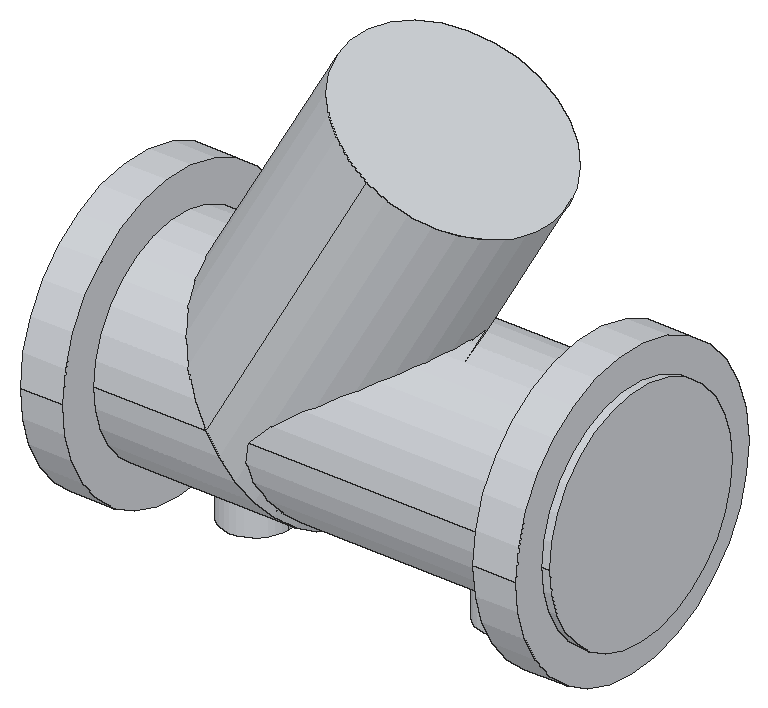
Revit family "HS 821-síto_standard-PN16-DN200-RFA_2018", category Pipe Accessories, Revit 2018
Family settings
  Round Connector Dimension = Use Diameter
  Part Type = Breaks Into
  Work Plane-Based = No
  Always vertical = Yes
  Cut with Voids When Loaded = No
  Shared = No
Parameters (values of type "821A-DN200-PN16-síto_standard")
  magiProductId = "8e5693371ab64aabb29a7f08c76e15"
  magiProductFamilyId = "79214ac3aaa945e397802f559f5c1e"
  magiPartTypeId = 307
  isMeasuringValve [instance] = no
  ang2D [instance] = 0.00°
  ZB__ve = -ZB  # -53 mm
  ZB1 = 107.73 mm
  ZB = 53 mm
  X2 = 188.361 mm
  X1 = 84 mm
  W2D = 15 mm
  VersionID = "2.0/2017.9.26.1/ZETKAMA_821_001"
  Use Minimum Symbol Size [instance] = yes
  URL = "www.hydronix.cz"
  Type Comments = "Filtr přírubový; síto standardní; A-PN16 (-10~300°C); D-PN25 (-10~350°C); F-PN40 (-10~400°C)"
  S = 266 mm
  QmdConnectorList = "301;D;302;D"
  Productdata [instance] = ""
  Manufacturer = "Hydronix"
  MC Product Code = "200 193 (821A; DN200; PN16; kvs707; oko síta 1,60mm)"
  LM1 = 48 mm
  LM = 480 mm
  L4 = 150 mm
  L2D_Min = 3048 mm
  L2D = 130 mm
  L2 = 300 mm
  HH2 = 326.25 mm
  FD = 340 mm
  Description = "Filtr přírubový; síto standardní; 821A-PN16; 821D-PN25; 821F-PN40"
  DM1 = 252 mm
  DM = 239.4 mm
  D = 200 mm
  CC = 10.2 mm
  CAT0 = yes
  C1 = 49.8 mm
  C = 60 mm
  BD = 75.411 mm
Types (40, lengths in mm): name | magiProductId | ZB__ve | ZB1 | ZB | X2 | X1 | S | MC Product Code | LM1 | LM | L4 | L2 | HH2 | FD | DM1 | DM | D | CC | C1 | C | BD
  821A-DN015-PN16-síto_standard | "a71bcfe8b393460598b23e8ddf7dc5" | -16.25 | 18.63 | 16.25 | 46.982 | 18.2 | 46 | "200 115 (821A; DN015; PN16; kvs6,3; oko síta 1,00mm)" | 10.4 | 104 | 32.5 | 65 | 81.375 | 95 | 27.6 | 41.4 | 15 | 2.21 | 10.79 | 13 | 13.041
  821A-DN020-PN16-síto_standard | "41cd6c7a12924f4991217528336076" | -17.75 | 22.68 | 17.75 | 51.673 | 21 | 56 | "200 120 (821A; DN020; PN16; kvs11,2; oko síta 1,00mm)" | 12 | 120 | 37.5 | 75 | 89.5 | 105 | 33.6 | 50.4 | 20 | 2.55 | 12.45 | 15 | 15.876
  821A-DN025-PN16-síto_standard | "be378b463ed14c3abf4c9b3ae8cf3a" | -19.25 | 26.325 | 19.25 | 58.601 | 22.4 | 65 | "200 125 (821A; DN025; PN16; kvs14,7; oko síta 1,00mm)" | 12.8 | 128 | 40 | 80 | 101.5 | 115 | 43.2 | 58.5 | 25 | 2.72 | 13.28 | 16 | 18.427
  821A-DN032-PN16-síto_standard | "227a0d18b21540afabe8b6067d35fa" | -23 | 30.78 | 23 | 68.849 | 25.2 | 76 | "200 132 (821A; DN032; PN16; kvs23,7; oko síta 1,00mm)" | 14.4 | 144 | 45 | 90 | 119.25 | 140 | 50.4 | 68.4 | 32 | 3.06 | 14.94 | 18 | 21.546
  821A-DN040-PN16-síto_standard | "d106917c74724141a10440112d0102" | -24.5 | 34.02 | 24.5 | 75.777 | 28 | 84 | "200 140 (821A; DN040; PN16; kvs37,7; oko síta 1,00mm)" | 16 | 160 | 50 | 100 | 131.25 | 150 | 60 | 75.6 | 40 | 3.4 | 16.6 | 20 | 23.814
  821A-DN050-PN16-síto_standard | "8255d456a09e4f6486734f5dd9171b" | -26.75 | 40.095 | 26.75 | 79.061 | 32.2 | 99 | "200 150 (821A; DN050 PN16; kvs57,9; oko síta 1,00mm)" | 18.4 | 184 | 57.5 | 115 | 136.938 | 165 | 73.8 | 89.1 | 50 | 3.91 | 19.09 | 23 | 28.066
  821A-DN065-PN16-síto_standard | "235b1b3e4c0843779a4d5e3716d40a" | -29.75 | 47.79 | 29.75 | 86.927 | 40.6 | 118 | "200 165 (821A; DN065; PN16; kvs101,5; oko síta 1,25mm)" | 23.2 | 232 | 72.5 | 145 | 150.562 | 185 | 94.2 | 106.2 | 65 | 4.93 | 24.07 | 29 | 33.453
  821A-DN080-PN16-síto_standard | "a067f7c5236348ed8c820d16df7214" | -32 | 53.46 | 32 | 104.753 | 43.4 | 132 | "200 180 (821A; DN080; PN16; kvs147,4; oko síta 1,25mm)" | 24.8 | 248 | 77.5 | 155 | 181.438 | 200 | 107.4 | 118.8 | 80 | 5.27 | 25.73 | 31 | 37.422
  821A-DN100-PN16-síto_standard | "c49a648c2747461285837d643703cd" | -35 | 63.18 | 35 | 114.857 | 49 | 156 | "200 190 (821A; DN100; PN16; kvs209,6; oko síta 1,60mm)" | 28 | 280 | 87.5 | 175 | 198.937 | 220 | 131.4 | 140.4 | 100 | 5.95 | 29.05 | 35 | 44.226
  821A-DN125-PN16-síto_standard | "bf68e728a163493cbd2a663b26ebdc" | -39.5 | 74.52 | 39.5 | 131.888 | 56 | 184 | "200 191 (821A; DN125; PN16; kvs326,2; oko síta 1,60mm)" | 32 | 320 | 100 | 200 | 228.438 | 250 | 165 | 165.6 | 125 | 6.8 | 33.2 | 40 | 52.164
  821A-DN150-PN16-síto_standard | "2de770284b654863ae6bc865769dc5" | -44.75 | 85.455 | 44.75 | 155.885 | 67.2 | 211 | "200 192 (821A; DN150; PN16; kvs403; oko síta 1,60mm)" | 38.4 | 384 | 120 | 240 | 270 | 285 | 192 | 189.9 | 150 | 8.16 | 39.84 | 48 | 59.818
  821A-DN200-PN16-síto_standard | "8e5693371ab64aabb29a7f08c76e15" | -53 | 107.73 | 53 | 188.361 | 84 | 266 | "200 193 (821A; DN200; PN16; kvs707; oko síta 1,60mm)" | 48 | 480 | 150 | 300 | 326.25 | 340 | 252 | 239.4 | 200 | 10.2 | 49.8 | 60 | 75.411
  821A-DN250-PN16-síto_standard | "05e37ed948c34047acdd4c42556504" | -62.75 | 129.195 | 62.75 | 255.911 | 102.2 | 319 | "200 194 (821A; DN250; PN16; kvs1234; oko síta 1,60mm)" | 58.4 | 584 | 182.5 | 365 | 443.25 | 405 | 309.6 | 287.1 | 250 | 12.41 | 60.59 | 73 | 90.436
  821A-DN300-PN16-síto_standard | "9ad0af747269428da925480d83ce80" | -71 | 149.85 | 71 | 325.914 | 119 | 370 | "200 195 (821A; DN300; PN16; kvs1916; oko síta 1,60mm)" | 68 | 680 | 212.5 | 425 | 564.5 | 460 | 369.6 | 333 | 300 | 14.45 | 70.55 | 85 | 104.895
  821A-DN350-PN16-síto_standard | "eebc71459bb3451bb4355e7951370a" | -80 | 173.745 | 80 | 356.875 | 137.2 | 429 | "200 196 (821A; DN350; PN16; kvs2621; oko síta 1,60mm)" | 78.4 | 784 | 245 | 490 | 618.125 | 520 | 438 | 386.1 | 350 | 16.66 | 81.34 | 98 | 121.621
  821A-DN400-PN16-síto_standard | "d2f677cb196647e385b2590e7d8abe" | -89 | 194.4 | 89 | 392.237 | 154 | 480 | "200 197 (821A; DN400; PN16; kvs3460; oko síta 1,60mm)" | 88 | 880 | 275 | 550 | 679.375 | 580 | 498 | 432 | 400 | 18.7 | 91.3 | 110 | 136.08
  821D-DN015-PN25-síto_standard | "27ddcbf555414f8ca1fde329bf9087" | -16.25 | 18.63 | 16.25 | 46.982 | 18.2 | 46 | "200 215 (821D; DN015; PN25; kvs6,3; oko síta 1,00mm)" | 10.4 | 104 | 32.5 | 65 | 81.375 | 95 | 27.6 | 41.4 | 15 | 2.21 | 10.79 | 13 | 13.041
  821D-DN020-PN25-síto_standard | "270e0f14012f47189cd0235c18faee" | -17.75 | 22.68 | 17.75 | 51.673 | 21 | 56 | "200 220 (821D; DN020; PN25; kvs11,2; oko síta 1,00mm)" | 12 | 120 | 37.5 | 75 | 89.5 | 105 | 33.6 | 50.4 | 20 | 2.55 | 12.45 | 15 | 15.876
  821D-DN025-PN25-síto_standard | "b9a7fb4aa36643878c637d8e1ab992" | -19.25 | 26.325 | 19.25 | 58.601 | 22.4 | 65 | "200 225 (821D; DN025; PN25; kvs14,7; oko síta 1,00mm)" | 12.8 | 128 | 40 | 80 | 101.5 | 115 | 43.2 | 58.5 | 25 | 2.72 | 13.28 | 16 | 18.427
  821D-DN032-PN25-síto_standard | "6be9a55c4e68400f94eec7e804204c" | -23 | 30.78 | 23 | 68.849 | 25.2 | 76 | "200 232 (821D; DN032; PN25; kvs23,7; oko síta 1,00mm)" | 14.4 | 144 | 45 | 90 | 119.25 | 140 | 50.4 | 68.4 | 32 | 3.06 | 14.94 | 18 | 21.546
  821D-DN040-PN25-síto_standard | "c54511bd7f584ec2984291479612cb" | -24.5 | 34.02 | 24.5 | 75.777 | 28 | 84 | "200 240 (821D; DN040; PN25; kvs37,7; oko síta 1,00mm)" | 16 | 160 | 50 | 100 | 131.25 | 150 | 60 | 75.6 | 40 | 3.4 | 16.6 | 20 | 23.814
  821D-DN050-PN25-síto_standard | "5483b1f596b04cd39b23a14a22c90e" | -26.75 | 40.095 | 26.75 | 79.061 | 32.2 | 99 | "200 250 (821D; DN050; PN25; kvs57,9; oko síta 1,00mm)" | 18.4 | 184 | 57.5 | 115 | 136.938 | 165 | 73.8 | 89.1 | 50 | 3.91 | 19.09 | 23 | 28.066
  821D-DN065-PN25-síto_standard | "767b0f8318e94750bc7a9930ed5b30" | -29.75 | 47.79 | 29.75 | 86.927 | 40.6 | 118 | "200 265 (821D; DN065; PN25; kvs101,5; oko síta 1,25mm)" | 23.2 | 232 | 72.5 | 145 | 150.562 | 185 | 94.2 | 106.2 | 65 | 4.93 | 24.07 | 29 | 33.453
  821D-DN080-PN25-síto_standard | "e21040fa3cc2404b858198f6b73709" | -32 | 53.46 | 32 | 104.753 | 43.4 | 132 | "200 280 (821D; DN080; PN25; kvs147,4; oko síta 1,25mm)" | 24.8 | 248 | 77.5 | 155 | 181.438 | 200 | 107.4 | 118.8 | 80 | 5.27 | 25.73 | 31 | 37.422
  821D-DN100-PN25-síto_standard | "175ca87a506b40b3bc6b82f12f33cf" | -37.25 | 63.18 | 37.25 | 114.857 | 49 | 156 | "200 290 (821D; DN100; PN25; kvs209,6; oko síta 1,60mm)" | 28 | 280 | 87.5 | 175 | 198.937 | 235 | 131.4 | 140.4 | 100 | 5.95 | 29.05 | 35 | 44.226
  821D-DN125-PN25-síto_standard | "77cc98d60da24855999a22dff726b2" | -42.5 | 74.52 | 42.5 | 131.888 | 56 | 184 | "200 291 (821D; DN125; PN25; kvs326,2; oko síta 1,60mm)" | 32 | 320 | 100 | 200 | 228.438 | 270 | 165 | 165.6 | 125 | 6.8 | 33.2 | 40 | 52.164
  821D-DN150-PN25-síto_standard | "9cf8acfcd15547d68e83172d3abcbe" | -47 | 85.455 | 47 | 155.885 | 67.2 | 211 | "200 292 (821D; DN150; PN25; kvs403; oko síta 1,60mm)" | 38.4 | 384 | 120 | 240 | 270 | 300 | 192 | 189.9 | 150 | 8.16 | 39.84 | 48 | 59.818
  821D-DN200-PN25-síto_standard | "16973f3c9ea14389ba8602495a6b64" | -56 | 110.97 | 56 | 188.361 | 84 | 274 | "200 293 (821D; DN200; PN25; kvs707; oko síta 1,60mm)" | 48 | 480 | 150 | 300 | 326.25 | 360 | 252 | 246.6 | 200 | 10.2 | 49.8 | 60 | 77.679
  821F-DN015-PN40-síto_standard | "4c7eaf3c4c0340888b3e684d8a8616" | -16.25 | 18.225 | 16.25 | 46.982 | 18.2 | 45 | "240 615 (821F; DN015; PN40; kvs6,3; oko síta 1,00mm)" | 10.4 | 104 | 32.5 | 65 | 81.375 | 95 | 27.6 | 40.5 | 15 | 2.21 | 10.79 | 13 | 12.757
  821F-DN020-PN40-síto_standard | "aaac5f1ec96b44d6ba96ac2293d66d" | -17.75 | 23.49 | 17.75 | 51.673 | 21 | 58 | "240 620 (821F; DN020; PN40; kvs11,2; oko síta 1,00mm)" | 12 | 120 | 37.5 | 75 | 89.5 | 105 | 33.6 | 52.2 | 20 | 2.55 | 12.45 | 15 | 16.443
  821F-DN025-PN40-síto_standard | "504768023968471481789485b54c7e" | -19.25 | 27.54 | 19.25 | 58.601 | 22.4 | 68 | "240 625 (821F; DN025; PN40; kvs14,7; oko síta 1,00mm)" | 12.8 | 128 | 40 | 80 | 101.5 | 115 | 43.2 | 61.2 | 25 | 2.72 | 13.28 | 16 | 19.278
  821F-DN032-PN40-síto_standard | "165e7f39cf744f329bdf1c400dad12" | -23 | 31.59 | 23 | 68.849 | 25.2 | 78 | "240 632 (821F; DN032; PN40; kvs23,7; oko síta 1,00mm)" | 14.4 | 144 | 45 | 90 | 119.25 | 140 | 50.4 | 70.2 | 32 | 3.06 | 14.94 | 18 | 22.113
  821F-DN040-PN40-síto_standard | "b8903f952089408fbf3a5a632bab1f" | -24.5 | 35.64 | 24.5 | 75.777 | 28 | 88 | "240 640 (821F; DN040; PN40; kvs37,7; oko síta 1,00mm)" | 16 | 160 | 50 | 100 | 131.25 | 150 | 60 | 79.2 | 40 | 3.4 | 16.6 | 20 | 24.948
  821F-DN050-PN40-síto_standard | "c451f97266fe48da8f879cb6a2bd44" | -26.75 | 41.31 | 26.75 | 79.061 | 32.2 | 102 | "240 650 (821F; DN050; PN40; kvs57,9; oko síta 1,00mm)" | 18.4 | 184 | 57.5 | 115 | 136.938 | 165 | 73.8 | 91.8 | 50 | 3.91 | 19.09 | 23 | 28.917
  821F-DN065-PN40-síto_standard | "dc9821e3f9b34e128f6a8c6b34c198" | -29.75 | 49.41 | 29.75 | 86.927 | 40.6 | 122 | "240 665 (821F; DN065; PN40; kvs101,5; oko síta 1,25mm)" | 23.2 | 232 | 72.5 | 145 | 150.562 | 185 | 94.2 | 109.8 | 65 | 4.93 | 24.07 | 29 | 34.587
  821F-DN080-PN40-síto_standard | "689aa1e260f84cf4994f027a1d86b5" | -32 | 55.89 | 32 | 104.753 | 43.4 | 138 | "240 680 (821F; DN080; PN40; kvs147,4; oko síta 1,25mm)" | 24.8 | 248 | 77.5 | 155 | 181.438 | 200 | 107.4 | 124.2 | 80 | 5.27 | 25.73 | 31 | 39.123
  821F-DN100-PN40-síto_standard | "8a45d4e8e2ab425f8c432f21d684f3" | -37.25 | 65.61 | 37.25 | 114.857 | 49 | 162 | "240 690 (821F; DN100; PN40; kvs209,6; oko síta 1,6mm)" | 28 | 280 | 87.5 | 175 | 198.937 | 235 | 131.4 | 145.8 | 100 | 5.95 | 29.05 | 35 | 45.927
  821F-DN125-PN40-síto_standard | "cf073904c006406b8645afa67ea2fc" | -42.5 | 76.14 | 42.5 | 131.888 | 56 | 188 | "240 691 (821F; DN125; PN40; kvs326,2; oko síta 1,6mm)" | 32 | 320 | 100 | 200 | 228.438 | 270 | 165 | 169.2 | 125 | 6.8 | 33.2 | 40 | 53.298
  821F-DN150-PN40-síto_standard | "0153b9ddabe14992a630484929fdbc" | -47 | 88.29 | 47 | 155.885 | 67.2 | 218 | "240 692 (821F; DN150; PN40; kvs403; oko síta 1,6mm)" | 38.4 | 384 | 120 | 240 | 270 | 300 | 192 | 196.2 | 150 | 8.16 | 39.84 | 48 | 61.803
  821F-DN200-PN40-síto_standard | "7fb3fc01dd8d42428c203e3f8dd4d5" | -56 | 115.425 | 56 | 188.361 | 84 | 285 | "240 693 (821F; DN200; PN40; kvs707; oko síta 1,6mm)" | 48 | 480 | 150 | 300 | 326.25 | 360 | 252 | 256.5 | 200 | 10.2 | 49.8 | 60 | 80.797
Reference planes
  plane 1 "Center (Front/Back)": y = 0
  plane 2 "XYPLANE": z = 0
  plane 3 "Center (Left/Right)": x = 0
  plane 4 "109": x = -192
  plane 5 "108": x = 240
  plane 6 "107": x = -240
  plane 7 "105": x = 300
  plane 8 "104": x = -300
  plane 9 "103": y = 0
  plane 10 "102": z = 0
  plane 11 "101": x = -289.8
  plane 12 "100": x = 289.8
  plane 13 "11": x = -108
  plane 14 "10": z = 326.25
  plane 15 "9": x = 80.361
  plane 16 "5": z = -107.73
  plane 17 "4": x = -150
  plane 18 "1": x = 150
Forms (mm)
  Extrusion 1, solid, visible <- "CAT0"
    sketch origin (-240, -750, 0) x (0, 1, 0) y (0, 0, 1)
      loop
        circle (750, 0) r 119.7
    from 0 to 480 <- "LM"
  Extrusion 2, solid
    sketch origin (-300, -750, 0) x (0, 1, 0) y (0, 0, 1)
      loop
        circle (750, 0) r 133
    from 0 to 10.2 <- "CC"
  Extrusion 3, solid
    sketch origin (-289.8, -750, 0) x (0, 1, 0) y (0, 0, 1)
      loop
        circle (750, 0) r 170
    from 0 to 49.8 <- "C1"
  Extrusion 4, solid
    sketch origin (240, -750, 0) x (0, 1, 0) y (0, 0, 1)
      loop
        circle (750, 0) r 170
    from 0 to 49.8 <- "C1"
  Extrusion 5, solid
    sketch origin (289.8, -750, 0) x (0, 1, 0) y (0, 0, 1)
      loop
        circle (750, 0) r 133
    from 0 to 10.2 <- "CC"
  Sweep 6, solid, visible <- "CAT0"
    path origin (750, 0, 0) x (-1, 0, 0) y (0, 0, 1)
      loop
        line (990, 0) -> (858, 0) -> (669.639, 326.25)
    profile origin (-240, 0, 0) x (0, 0, -1) y (0, 1, 0)
      loop
        circle (0, 0) r 126
  Extrusion 7, solid, visible <- "CAT0"
    sketch origin (-750, 0, -107.73) x (1, 0, 0) y (0, 1, 0)
      loop
        circle (600, 0) r 37.705
    from 0 to -53 <- "ZB__ve"
  Extrusion 8, solid, visible <- "CAT0"
    sketch origin (-750, 0, -107.73) x (1, 0, 0) y (0, 1, 0)
      loop
        circle (900, 0) r 37.705
    from 0 to -53 <- "ZB__ve"
  Extrusion 9, solid, not visible
    sketch origin (300, -750, 0) x (0, 1, 0) y (0, 0, 1)
      loop
        circle (750, 0) r 10
    from 0 to -10
  Extrusion 10, solid, not visible
    sketch origin (-300, -750, 0) x (0, 1, 0) y (0, 0, 1)
      loop
        circle (750, 0) r 10
    from 0 to 10
Lines and regions (mm)
  reference lines, not visible
    curve 1: circle (2, 2, 0) r 1 normal (0, 0, 1)
Dimensions and locks
  plane 1 "Center (Front/Back)" to curve 1 = 2 mm
  "LM1": plane 6 "107" to plane 4 "109"
  "LM": plane 6 "107" to plane 5 "108"
  "C": plane 8 "104" to plane 6 "107"
  "L2": plane 3 "Center (Left/Right)" to plane 7 "105"
  "L2": plane 3 "Center (Left/Right)" to plane 8 "104"
  locked: plane 1 "Center (Front/Back)" to plane 9 "103"
  locked: plane 2 "XYPLANE" to plane 10 "102"
  "CC": plane 8 "104" to plane 11 "101"
  "C1": plane 5 "108" to plane 12 "100"
  "X1": plane 4 "109" to plane 13 "11"
  "HH2": plane 2 "XYPLANE" to plane 14 "10"
  "X2": plane 13 "11" to plane 15 "9"
  "ZB1": plane 2 "XYPLANE" to plane 16 "5"
  "L4": plane 8 "104" to plane 17 "4"
  "L2": plane 17 "4" to plane 18 "1"
  Sweep 6 sketch curve to Sweep 6 sketch curve = 0 mm  (x2)
  "DM": diameter of Extrusion 1 sketch curve
  "S": diameter of Extrusion 2 sketch curve
  "FD": diameter of Extrusion 3 sketch curve
  "FD": diameter of Extrusion 4 sketch curve
  "S": diameter of Extrusion 5 sketch curve
  "DM1": diameter of Sweep 6 sketch curve
  "BD": diameter of Extrusion 7 sketch curve
  "BD": diameter of Extrusion 8 sketch curve
  aligned and locked: level to plane 2 "XYPLANE"
  aligned and locked: Extrusion 1 sketch curve to plane 9 "103"
  aligned and locked: plane 10 "102" to Extrusion 1 sketch curve
  aligned and locked: Extrusion 2 sketch curve to plane 9 "103"
  aligned and locked: plane 10 "102" to Extrusion 2 sketch curve
  aligned and locked: Extrusion 3 sketch curve to plane 9 "103"
  aligned and locked: plane 10 "102" to Extrusion 3 sketch curve
  aligned and locked: Extrusion 4 sketch curve to plane 9 "103"
  aligned and locked: plane 10 "102" to Extrusion 4 sketch curve
  aligned and locked: Extrusion 5 sketch curve to plane 9 "103"
  aligned and locked: plane 10 "102" to Extrusion 5 sketch curve
  aligned and locked: Sweep 6 sketch curve to plane 9 "103"
  aligned and locked: plane 10 "102" to Sweep 6 sketch curve  (x3)
  aligned and locked: plane 6 "107" to Sweep 6 sketch curve
  aligned and locked: plane 13 "11" to Sweep 6 sketch curve
  aligned and locked: plane 14 "10" to Sweep 6 sketch curve
  aligned and locked: plane 15 "9" to Sweep 6 sketch curve
  aligned and locked: plane 9 "103" to Extrusion 7 sketch curve
  aligned and locked: plane 17 "4" to Extrusion 7 sketch curve
  aligned and locked: plane 9 "103" to Extrusion 8 sketch curve
  aligned and locked: plane 18 "1" to Extrusion 8 sketch curve
  aligned and locked: Extrusion 9 sketch curve to plane 9 "103"
  aligned and locked: plane 10 "102" to Extrusion 9 sketch curve
  aligned and locked: Extrusion 10 sketch curve to plane 9 "103"
  aligned and locked: plane 10 "102" to Extrusion 10 sketch curve
Automatic sketch dimensions
  plane 1 "Center (Front/Back)" to Extrusion 9 sketch curve = 10 mm
  plane 1 "Center (Front/Back)" to Extrusion 10 sketch curve = 10 mm
  plane 3 "Center (Left/Right)" to curve 1 = 2 mm
  radius of curve 1 = 1 mm
Connectors
  piping at (-300, 0, 0), diameter 200, driven by "D"
    settings: on Extrusion 10, index 1, connector inside diameter 609.6 mm, connector length 0 mm, flow factor 0, pipe flow 0.0 L/s, pressure drop 0.0 Pa, fitting loss kfactor 0, connector angle 0.00°, fixture units 0, engagement length 0 mm, angle of deflection 0.00°, flow configuration 0, flow direction 0, fitting loss method 0, system type 29, joint type 0, gender type 0, connector reference index 2, connector utility 0, adjustable connector no, is connector primary yes, connector description ""
  piping at (300, 0, 0), diameter 200, driven by "D"
    settings: on Extrusion 9, index 2, connector inside diameter 609.6 mm, connector length 0 mm, flow factor 0, pipe flow 0.0 L/s, pressure drop 0.0 Pa, fitting loss kfactor 0, connector angle 0.00°, fixture units 0, engagement length 0 mm, angle of deflection 0.00°, flow configuration 0, flow direction 0, fitting loss method 0, system type 29, joint type 0, gender type 0, connector reference index 1, connector utility 0, adjustable connector no, is connector primary no, connector description ""
